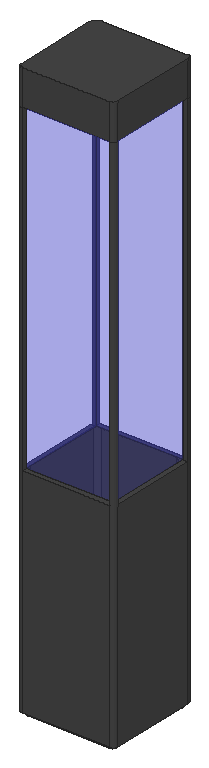
Revit family "svetilnik_alfresco_star_k_mini", category Осветительные приборы, Revit 2016
Family settings
  Тип детали = Нормальный
  Размер круглого соединителя = Использовать диаметр
  На основе рабочей плоскости = Нет
  Всегда вертикально = Да
  При загрузке вырезать с полостями = Нет
  Источник света = Да
  Общий = Нет
  Точка расчета площади = Нет
Parameters (values of type "STAR-K мини")
  Ширина фланца = 100 mm
  Ширина корпуса = 108 mm
  Цветовая температура = "2700-6500"
  Тип продукции = "LED-светильник"
  Тип ПРА = "-"
  Тип КСС = "Круглосимметричная"
  Тип ИС = "LED-светодиоды"
  Температура эксплуатации = "-35 +40"
  Разработано = "support@bimlib.ru"  # constant formula
  Плафон = Прозрачное закаленное стекло
  Emit from Rectangle Width = 65 mm
  Emit from Rectangle Length = 65 mm
  Высота плафона = 524.16 mm
  Высота крышки = 40 mm
  Wattage = 4.71247 W
  built-in parameter 1150110 = 1 (stored number, unit not read)
  built-in parameter 1114217 = 1 (stored number, unit not read)
  Tilt Angle = 90.00°
  built-in parameter 1150109 = 1 (stored number, unit not read)
  built-in parameter 1150134 = 12
  built-in parameter 1150113 = 1 (stored number, unit not read)
  Файл фотометрической сетки = "Star-k mini 7W.IES"
  built-in parameter 1150142 = "IESNA:LM-63-2002\r\n[TEST] ALF\r\n[MANUFAC] ALFRESCO\r\n[LUMCAT] ДТУ-48-AF Star-K mini\r\n[LUMINAIRE] ДТУ-48-AF Star-K mini 7W\r\n[LAMP] LED\r\nTILT=NONE\r\n1 600.0 0.6 37 25 1 2 0.108 0.108 0.108         \r\n1.000 1.000 7.0\r\n0.0 5.0 10.0 15.0 20.0 25.0 30.0 35.0 40.0 45.0 50.0 55.0 60.0 65.0 70.0 75.0 80.0 85.0 90.0 95.0 100.0 105.0\r\n110.0 115.0 120.0 125.0 130.0 135.0 140.0 145.0 150.0 155.0 160.0 165.0 170.0 175.0 180.0\r\n0.0 15.0 30.0 45.0 60.0 75.0 90.0 105.0 120.0 135.0 150.0 165.0 180.0 195.0 210.0 225.0 240.0 255.0 270.0 285.0 300.0 315.0\r\n330.0 345.0 360.0\r\n2.026 4.207 295.808 291.659 286.844 279.006 271.514 266.764 265.166 274.381 424.561 15.949 8.724 5.808\r\n3.377 2.272 1.369 0.992 0.885 0.577 0.746 1.169 1.198 1.149 1.581 1.556 1.928 1.850\r\n2.071 1.812 2.740 2.552 3.313 3.204 3.474 3.117 2.844\r\n2.026 5.937 296.141 293.778 290.658 283.282 274.797 268.067 266.535 280.009 239.189 15.704 9.981 7.237\r\n5.072 4.055 2.912 2.737 2.303 1.773 2.315 1.944 2.519 2.165 2.273 2.360 2.358 2.774\r\n2.506 2.883 2.665 3.262 3.359 3.387 3.464 3.182 2.844\r\n2.026 2.435 278.580 289.295 290.172 281.275 271.591 263.583 260.782 275.842 360.425 14.788 8.927 6.660\r\n4.669 3.731 2.852 2.562 2.344 1.880 2.329 2.191 2.634 2.469 2.786 2.475 3.145 2.735\r\n2.992 2.893 2.980 3.416 3.174 3.766 3.287 3.100 2.844\r\n2.026 2.868 19.692 25.171 42.980 23.295 20.597 18.221 32.456 31.274 20.415 9.216 6.280 4.733\r\n3.112 2.474 1.527 1.748 1.021 1.563 1.345 1.845 1.561 2.376 2.048 2.745 2.435 3.300\r\n2.787 3.314 2.844 3.523 3.252 3.932 3.214 2.913 2.844\r\n2.026 3.610 288.383 289.721 287.896 279.809 271.903 265.497 261.881 271.952 272.761 13.242 8.902 5.745\r\n4.758 3.178 2.997 2.170 2.394 1.718 2.307 2.048 2.521 2.216 2.736 2.460 2.938 2.745\r\n3.075 2.877 3.284 3.267 3.637 3.441 3.578 3.369 2.844\r\n2.026 8.355 293.989 289.547 286.296 280.111 273.290 269.167 266.886 283.179 115.418 14.361 9.068 6.365\r\n4.749 3.122 2.904 1.830 2.013 1.691 2.260 2.108 2.547 2.042 2.737 2.319 2.913 2.576\r\n2.831 2.957 2.785 3.523 3.193 3.730 3.058 2.736 2.844\r\n2.026 5.834 293.057 286.962 281.785 275.492 268.931 265.668 265.533 282.472 222.028 12.299 7.743 4.697\r\n3.407 1.556 1.445 0.510 0.711 0.218 0.903 0.811 1.326 1.178 1.712 1.456 1.964 1.692\r\n2.369 2.090 2.578 2.968 2.726 3.356 2.479 2.551 2.844\r\n2.026 9.071 296.070 292.552 288.878 284.667 277.247 268.927 270.207 292.155 91.233 14.009 8.727 6.389\r\n4.215 3.307 2.400 2.305 1.626 2.011 2.047 2.284 2.394 2.503 2.321 2.648 2.440 2.706\r\n2.557 3.050 2.845 3.520 3.174 3.685 2.660 2.547 2.844\r\n2.026 4.007 290.238 292.619 289.961 284.728 276.055 267.233 265.595 285.843 216.301 12.916 8.041 6.043\r\n4.059 3.428 2.481 2.640 1.921 2.129 2.164 2.080 2.544 1.997 2.603 2.492 2.604 3.053\r\n2.619 3.175 2.992 3.387 3.611 3.347 3.585 3.248 2.844\r\n2.026 3.132 22.571 27.440 27.483 25.473 23.543 21.338 18.762 16.514 13.021 9.727 6.140 4.586\r\n3.060 2.509 1.584 1.625 1.243 1.536 1.253 1.876 1.683 2.305 2.073 2.659 2.561 2.844\r\n3.270 2.821 3.463 3.004 3.758 3.441 3.616 3.482 2.844\r\n2.026 3.823 287.899 292.175 289.402 283.093 274.226 270.356 270.928 282.999 297.107 12.923 8.061 5.961\r\n3.998 3.431 2.328 2.524 1.825 2.117 2.043 2.240 2.536 2.541 2.745 2.504 3.071 2.627\r\n3.233 2.710 3.332 3.017 3.759 3.585 3.932 3.407 2.844\r\n2.026 8.876 296.214 294.071 291.333 286.308 278.374 272.715 267.887 275.627 203.659 14.228 8.882 6.476\r\n4.295 3.545 2.343 2.431 1.701 1.952 1.898 2.251 2.265 2.005 2.518 2.158 2.765 2.372\r\n2.762 2.416 2.844 3.143 3.156 3.746 3.047 2.784 2.844\r\n2.026 8.167 298.455 293.801 290.050 283.394 276.052 269.504 261.112 260.923 295.993 13.520 7.941 5.296\r\n2.876 2.160 1.110 1.024 0.866 0.308 0.986 0.773 1.354 0.940 1.725 1.407 2.268 1.800\r\n2.252 1.679 2.692 2.683 3.187 3.419 2.931 2.722 2.844\r\n2.026 4.852 297.318 296.496 293.898 288.710 280.864 272.244 264.010 261.425 485.530 16.750 10.346 7.066\r\n5.033 3.793 2.535 2.624 1.927 2.099 1.656 2.352 1.876 2.439 1.917 2.536 2.188 2.911\r\n2.440 2.968 2.664 3.184 3.570 3.461 3.800 3.354 2.844\r\n2.026 5.234 292.303 294.805 292.792 285.666 276.315 267.478 262.156 268.624 338.471 13.642 9.330 6.004\r\n4.991 3.325 3.000 2.209 2.409 1.846 2.262 2.278 2.346 2.502 2.341 2.770 2.609 2.977\r\n2.673 3.136 2.879 3.541 3.392 3.900 3.464 3.437 2.844\r\n2.026 2.064 15.726 23.146 27.857 26.695 22.472 19.769 18.917 17.870 16.160 10.365 7.243 4.939\r\n3.620 2.601 1.569 1.688 1.168 1.540 1.268 1.780 1.645 2.017 2.193 2.243 2.818 2.522\r\n3.285 2.889 3.204 3.470 3.391 3.985 3.235 2.821 2.844\r\n2.026 2.450 193.534 263.642 301.203 284.071 275.302 267.352 264.569 277.195 389.401 13.445 9.081 5.859\r\n4.680 2.784 2.688 1.929 2.253 1.873 2.142 2.282 2.115 2.594 2.213 2.885 2.600 2.971\r\n2.744 3.152 2.991 3.353 3.547 3.445 3.498 2.893 2.844\r\n2.026 2.353 290.983 293.128 292.306 299.464 281.322 273.151 268.762 276.707 494.944 16.718 10.517 7.469\r\n4.882 3.679 2.348 2.265 1.616 1.687 2.123 1.927 2.450 2.083 2.546 2.485 2.433 2.749\r\n2.414 2.985 2.579 3.419 3.215 3.431 2.875 3.039 2.844\r\n2.026 2.981 290.711 289.168 286.952 282.587 273.036 267.689 264.845 276.060 426.981 13.642 8.430 5.199\r\n3.633 1.705 1.329 0.460 0.780 0.244 1.106 0.374 1.377 1.113 1.697 1.396 1.835 1.657\r\n2.250 2.003 2.574 2.941 3.048 3.273 2.632 2.708 2.844\r\n2.026 2.428 59.567 290.264 289.363 284.063 277.461 271.360 269.068 277.568 489.096 16.869 10.481 7.497\r\n4.878 3.685 2.520 2.546 1.723 1.748 2.185 1.867 2.480 1.950 2.628 2.301 2.596 2.695\r\n2.698 2.897 2.814 3.367 3.341 3.540 3.142 2.955 2.844\r\n2.026 3.066 283.195 170.971 289.826 286.533 275.892 270.180 268.105 277.571 427.083 14.117 9.553 6.185\r\n4.643 3.416 2.551 2.592 1.813 2.293 1.906 2.346 2.004 2.575 1.997 2.785 2.416 2.904\r\n2.926 2.779 3.224 2.919 3.575 3.381 3.303 3.070 2.844\r\n2.026 2.220 13.464 24.952 26.551 25.856 23.306 21.594 19.721 17.789 14.621 11.428 7.428 5.346\r\n3.443 2.486 2.169 1.557 1.446 0.956 1.507 1.232 2.016 1.729 2.135 2.487 2.361 3.033\r\n2.762 3.269 2.742 3.550 3.149 3.839 3.352 2.968 2.844\r\n2.026 2.996 288.200 291.974 290.537 285.216 278.312 271.645 269.151 273.960 397.123 14.396 9.202 6.421\r\n4.567 3.589 2.747 2.559 2.098 2.195 2.031 2.420 2.288 2.716 2.257 2.895 2.687 3.146\r\n2.718 3.122 2.727 3.172 3.279 3.677 3.608 3.093 2.844\r\n2.026 2.867 293.436 294.270 289.800 285.420 278.074 273.426 270.954 273.449 490.018 19.117 10.994 7.326\r\n5.725 3.750 3.042 2.506 2.063 2.148 1.583 2.328 2.161 2.268 2.182 2.102 2.519 2.200\r\n2.762 2.304 3.079 2.827 3.366 3.429 3.085 2.769 2.844\r\n2.026 4.207 295.808 291.659 286.844 279.006 271.514 266.764 265.166 274.381 424.561 15.949 8.724 5.808\r\n3.377 2.272 1.369 0.992 0.885 0.577 0.746 1.169 1.198 1.149 1.581 1.556 1.928 1.850\r\n2.071 1.812 2.740 2.552 3.313 3.204 3.474 3.117 2.844\r\n\r\n\r\n\r\n\r\n\r\n\r\n\r\n\r\n\r\n"
  built-in parameter 1150105 = 55.704 (stored number, unit not read)
  Lumens = 700 lm
  built-in parameter 1150115 = 1 (stored number, unit not read)
  built-in parameter 1150137 = (empty or 0)
  built-in parameter 1150139 = (empty or 0)
  built-in parameter 1150112 = 1 (stored number, unit not read)
  built-in parameter 1150114 = 1 (stored number, unit not read)
  built-in parameter 1150132 = 2
  built-in parameter 1150102 = (empty or 0)
  built-in parameter 1150107 = 4000 (stored number, unit not read)
  built-in parameter 1150138 = (empty or 0)
  built-in parameter 1150106 = 0.55704 (stored number, unit not read)
  built-in parameter 1150104 = 13.8 (stored number, unit not read)
  Dimming Lamp Color Temperature Shift = (empty or 0)
  Color Filter = 16777215
  built-in parameter 1114218 = 1 (stored number, unit not read)
  built-in parameter 1150133 = 10 (stored number, unit not read)
  Apparent Load = ADSK_Номинальная мощность / ADSK_Коэффициент мощности  # 7.14286 VA
  Область использования = "ландшафт, коттедж. Посёлки,микрорайоны"
  Материал рассеивателя = "Прозрачное закаленное стекло"
  Корпус светильника = Сталь крашенная чёрная
  Климатическая зона = "У1"
  Класс пожароопасности = "F (светильники предназначены для установки непосредственно на поверхность из нормально воспламеняемых материалов)"
  Класс защиты = "1"
  Изготовитель = "ALFRESCO"  # constant formula
  Видимая форма излучения при визуализации = no
  Блок аварийного питания = no
  URL = "http://www.allfresco.ru/item/star-mini-k"
  IP Class = "IP 65"
  ADSK_Энергоэффективность = 100 lm/W
  ADSK_Ток = ADSK_Номинальная мощность / (ADSK_Коэффициент мощности * ADSK_Напряжение * sqrt(ADSK_Количество фаз числовое))  # 0.022958 A
  ADSK_Размер_Ширина = 108 mm
  ADSK_Размер_Длина = 108 mm
  ADSK_Размер_Высота = 650 mm
  ADSK_Примечание [instance] = ""
  ADSK_Полная мощность = ADSK_Номинальная мощность / ADSK_Коэффициент мощности  # 7.14286 VA
  ADSK_Позиция = ""
  ADSK_Номинальная мощность = 7 W
  ADSK_Напряжение = 220 V
  ADSK_Наименование = "Светодиодный светильник STAR-K мини ДТУ-48-AF-7Вт-0,65"
  ADSK_Модель = "ДТУ-48-AF STAR-K мини"
  ADSK_Масса = 2
  ADSK_Коэффициент мощности = 0.98
  ADSK_Количество фаз числовое = 2
  ADSK_Количество фаз = 2
  ADSK_Код изделия = ""
  ADSK_Классификация нагрузок [instance] = Освещение
  ADSK_Завод-изготовитель = "ALFRESCO"  # constant formula
  ADSK_Единица измерения = "шт."
  ADSK_Артикул = "ДТУ481"
Reference planes
  plane 1 "По центру (Вперед/Назад)": y = 0
  plane 2: z = 0
  plane 3 "По центру (Влево/Вправо)": x = 0
  plane 4: x = 54
  plane 5: x = -54
  plane 6: y = 54
  plane 7: y = -54
  plane 8: z = 650
  plane 9: x = -50
  plane 10: x = 50
  plane 11: y = 50
  plane 12: y = -50
  plane 13: z = 610
  plane 14: z = 245.84
  plane 15: x = -32.265
  plane 16: x = 32.265
  plane 17: y = 32.5
  plane 18: y = -32.5
Forms (mm)
  Extrusion 1, solid, material "Сталь крашенная чёрная" <- "Корпус светильника", detail levels medium+fine
    sketch origin (0, 0, 0) x (1, 0, 0) y (0, 1, 0)
      loop
        arc (-45, 50) -> (-48.536, 48.536) -> (-50, 45) r 5
        line (-50, 45) -> (-50, -45)
        arc (-50, -45) -> (-48.536, -48.536) -> (-45, -50) r 5
        line (-45, -50) -> (45, -50)
        arc (45, -50) -> (48.536, -48.536) -> (50, -45) r 5
        line (50, -45) -> (50, 45)
        arc (50, 45) -> (48.536, 48.536) -> (45, 50) r 5
        line (45, 50) -> (-45, 50)
    from 0 to 4
  Extrusion 2, void
    sketch origin (0, 0, 0) x (1, 0, 0) y (0, 1, 0)
      loop
        circle (-32.266, 32.5) r 5
      loop
        circle (-32.266, -32.5) r 5
      loop
        circle (32.266, -32.5) r 5
      loop
        circle (32.266, 32.5) r 5
    from 0 to 4
  Extrusion 3, solid, material "Сталь крашенная чёрная" <- "Корпус светильника", detail levels medium+fine
    sketch origin (0, 0, 0) x (1, 0, 0) y (0, 1, 0)
      loop
        arc (-45, 54) -> (-51.364, 51.364) -> (-54, 45) r 9
        line (-54, 45) -> (-54, -49)
        arc (-54, -49) -> (-52.536, -52.536) -> (-49, -54) r 5
        line (-49, -54) -> (49, -54)
        arc (49, -54) -> (52.536, -52.536) -> (54, -49) r 5
        line (54, -49) -> (54, 49)
        arc (54, 49) -> (52.536, 52.536) -> (49, 54) r 5
        line (49, 54) -> (-45, 54)
      loop
        arc (-43.75, 48.75) -> (-47.286, 47.286) -> (-48.75, 43.75) r 5
        line (-48.75, 43.75) -> (-48.75, -44)
        arc (-48.75, -44) -> (-47.286, -47.536) -> (-43.75, -49) r 5
        line (-43.75, -49) -> (40, -49)
        arc (40, -49) -> (46.364, -46.364) -> (49, -40) r 9
        line (49, -40) -> (49, 39.75)
        arc (49, 39.75) -> (46.364, 46.114) -> (40, 48.75) r 9
        line (40, 48.75) -> (-43.75, 48.75)
    from 4 to 610
  Extrusion 4, solid, material "Сталь крашенная чёрная" <- "Корпус светильника", not visible
    sketch origin (0, 0, 0) x (1, 0, 0) y (0, 0, 1)
      loop
        line (-40, 275) -> (-40, 45) -> (40, 45) -> (40, 275) -> (-40, 275)
    from 50 to 53
  Sweep 5, void, not visible
    path origin (0, 0, 0) x (1, 0, 0) y (0, 0, 1)
      loop
        line (-40, 275) -> (-40, 45) -> (40, 45) -> (40, 275) -> (-40, 275)
    profile origin (0, 0, 275) x (0, 0, 1) y (0, -1, 0)
      loop
        line (0, 53) -> (-5.115, 53) -> (0, 50.829) -> (0, 53)
  Extrusion 6, void, not visible
    sketch origin (0, 0, 0) x (0, 1, 0) y (0, 0, 1)
      loop
        line (-53, 242.5) -> (-53, 62.773) -> (-6.251, 242.5) -> (-53, 242.5)
    from -31.068 to 31.068
  Extrusion 7, solid, not visible
    sketch origin (10.462, 0, 0) x (0, 1, 0) y (0, 0, 1)
      loop
        line (-50, 242.5) -> (-50, 74.05) -> (-5.187, 242.5) -> (-50, 242.5)
    from 21.406 to 20.606
  Extrusion 8, solid, material "Отражатель", not visible
    sketch origin (-10.462, 0, 0) x (0, 1, 0) y (0, 0, -1)
      loop
        line (-50, -242.5) -> (-5.187, -242.5) -> (-50, -74.05) -> (-50, -242.5)
    from 21.406 to 20.606
  Extrusion 9, solid, material "Отражатель", not visible
    sketch origin (0, 0, 0) x (0, 1, 0) y (0, 0, 1)
      loop
        line (-50, 74.05) -> (-48.948, 73.77) -> (-4.06, 242.5) -> (-5.187, 242.5) -> (-50, 74.05)
    from -31.068 to 31.068
  Extrusion 10, solid, not visible
    sketch origin (0, 0, 0) x (1, 0, 0) y (0, 1, 0)
      loop
        line (-31.068, -4.06) -> (-31.068, -45) -> (31.068, -45) -> (31.068, -4.06) -> (-31.068, -4.06)
      loop
        line (0, -32.789) -> (-23.125, -32.789) -> (-23.125, -40.914) -> (0, -40.914) -> (23.125, -40.914) -> (23.125, -32.789) -> (0, -32.789)
    from 242.5 to 243.44
  Extrusion 11, solid, material "Пластик", not visible
    sketch origin (0, 0, 0) x (1, 0, 0) y (0, 1, 0)
      loop
        line (-23.125, -32.789) -> (-23.125, -40.914) -> (23.125, -40.914) -> (23.125, -32.789) -> (-23.125, -32.789)
    from 242.5 to 243.44
  Extrusion 12, solid, not visible
    sketch origin (10.462, 0, 0) x (0, 1, 0) y (0, 0, 1)
      loop
        line (-50, 242.5) -> (-50, 74.05) -> (-5.187, 242.5) -> (-50, 242.5)
    from 21.406 to 20.606
  Extrusion 13, solid, material "Отражатель", not visible
    sketch origin (-10.462, 0, 0) x (0, 1, 0) y (0, 0, -1)
      loop
        line (-50, -242.5) -> (-5.187, -242.5) -> (-50, -74.05) -> (-50, -242.5)
    from 21.406 to 20.606
  Extrusion 14, solid, material "Отражатель", not visible
    sketch origin (0, 0, 0) x (0, 1, 0) y (0, 0, 1)
      loop
        line (-50, 74.05) -> (-48.948, 73.77) -> (-4.06, 242.5) -> (-5.187, 242.5) -> (-50, 74.05)
    from -31.068 to 31.068
  Extrusion 15, solid, not visible
    sketch origin (0, 0, 0) x (1, 0, 0) y (0, 1, 0)
      loop
        line (-31.068, -4.06) -> (-31.068, -45) -> (31.068, -45) -> (31.068, -4.06) -> (-31.068, -4.06)
      loop
        line (0, -32.789) -> (-23.125, -32.789) -> (-23.125, -40.914) -> (0, -40.914) -> (23.125, -40.914) -> (23.125, -32.789) -> (0, -32.789)
    from 242.5 to 243.44
  Extrusion 16, solid, material "Пластик", not visible
    sketch origin (0, 0, 0) x (1, 0, 0) y (0, 1, 0)
      loop
        line (-23.125, -32.789) -> (-23.125, -40.914) -> (23.125, -40.914) -> (23.125, -32.789) -> (-23.125, -32.789)
    from 242.5 to 243.44
  Extrusion 17, void
    sketch origin (0, 0, 0) x (1, 0, 0) y (0, 0, 1)
      loop
        line (-48.75, 610) -> (-48.75, 245.84) -> (49, 245.84) -> (49, 610) -> (-48.75, 610)
    from -54 to 54
  Extrusion 18, void
    sketch origin (0, 0, 0) x (0, 1, 0) y (0, 0, 1)
      loop
        line (49, 610) -> (-49, 610) -> (-49, 245.84) -> (49, 245.84) -> (49, 610)
    from -54 to 54
  Extrusion 19, solid, material "Прозрачное закаленное стекло" <- "Плафон", detail levels medium+fine
    sketch origin (0, 0, 0) x (1, 0, 0) y (0, 1, 0)
      loop
        line (49, 49) -> (-48.75, 49) -> (-48.75, -49) -> (49, -49) -> (49, 49)
      loop
        line (-48.067, 48.223) -> (-48.067, -48.395) -> (48.317, -48.395) -> (48.317, 48.223) -> (-48.067, 48.223)
    from 245.84 to 610
  Extrusion 20, solid, material "Сталь крашенная чёрная" <- "Корпус светильника", detail levels medium+fine
    sketch origin (0.25, -0.125, 0) x (1, 0, 0) y (0, 1, 0)
      loop
        line (48.75, 54.125) -> (-45.25, 54.125)
        arc (-45.25, 54.125) -> (-51.614, 51.489) -> (-54.25, 45.125) r 9
        line (-54.25, 45.125) -> (-54.25, -48.875)
        arc (-54.25, -48.875) -> (-52.786, -52.411) -> (-49.25, -53.875) r 5
        line (-49.25, -53.875) -> (48.75, -53.875)
        arc (48.75, -53.875) -> (52.286, -52.411) -> (53.75, -48.875) r 5
        line (53.75, -48.875) -> (53.75, 49.125)
        arc (53.75, 49.125) -> (52.286, 52.661) -> (48.75, 54.125) r 5
    from 610 to 650
Cuts and joins
  Extrusion 2 cuts Extrusion 1
  Extrusion 17, Extrusion 18 cuts Extrusion 3
Lines and regions (mm)
  model lines, detail levels coarse
    curve 1: line (54, -54, 0) -> (-54, -54, 0)
    curve 2: line (54, 54, 0) -> (54, -54, 0)
    curve 3: line (0, 0, 650) -> (0, 0, 0)
    curve 4: line (54, 54, 0) -> (-54, 54, 0)
    curve 5: line (-54, 54, 0) -> (-54, -54, 0)
Dimensions and locks
  equal spacing: plane 5, plane 3 "По центру (Влево/Вправо)", plane 4
  "ADSK_Размер_Длина": plane 5 to plane 4
  equal spacing: plane 7, plane 1 "По центру (Вперед/Назад)", plane 6
  "ADSK_Размер_Ширина": plane 7 to plane 6
  "ADSK_Размер_Высота": plane 8 to level
  locked: Sweep 5 sketch curve to Sweep 5 sketch curve at 2.171
  "Ширина фланца": plane 12 to plane 11
  "Ширина фланца": plane 9 to plane 10
  "Высота крышки": plane 8 to plane 13
  plane 15 to plane 16 = 64.53 mm
  plane 18 to plane 17 = 65 mm
  aligned and locked: level to plane 2
  aligned and locked: Extrusion 3 sketch curve to plane 6
  aligned and locked: Extrusion 3 sketch curve to plane 4
  aligned and locked: Extrusion 3 sketch curve to plane 7
  aligned and locked: Extrusion 3 sketch curve to plane 5
  aligned and locked: Extrusion 3 to Extrusion 20
  aligned and locked: cut or joined group of Extrusion 1, Extrusion 2 to plane 11
  aligned and locked: cut or joined group of Extrusion 3, Extrusion 17, Extrusion 18 to Extrusion 19
  aligned and locked: plane 13 to Extrusion 20
  aligned and locked: Extrusion 20 to plane 13
  aligned and locked: plane 8 to Extrusion 20
  aligned and locked: plane 13 to cut or joined group of Extrusion 3, Extrusion 17, Extrusion 18  (x2)
  aligned and locked: Extrusion 3 to cut or joined group of Extrusion 1, Extrusion 2
Automatic sketch dimensions
  Sweep 5 sketch curve to Sweep 5 sketch curve = 5.115 mm
  Extrusion 9 sketch curve to Extrusion 9 sketch curve = 0.28 mm
  Extrusion 10 sketch curve to Extrusion 10 sketch curve = 8.125 mm
  Extrusion 11 sketch curve to Extrusion 11 sketch curve = 8.125 mm
  Extrusion 4 sketch curve to Extrusion 4 sketch curve = 80 mm
  Extrusion 4 sketch curve to Extrusion 4 sketch curve = 230 mm
  Sweep 5 sketch curve to Sweep 5 sketch curve = 80 mm
  Sweep 5 sketch curve to Sweep 5 sketch curve = 230 mm
  profile plane to Sweep 5 sketch curve = 0 mm
  profile plane to Sweep 5 sketch curve = 50.829 mm
  Extrusion 6 sketch curve to Extrusion 6 sketch curve = 46.749 mm
  Extrusion 6 sketch curve to Extrusion 6 sketch curve = 179.727 mm
  Extrusion 7 sketch curve to Extrusion 7 sketch curve = 44.813 mm
  Extrusion 7 sketch curve to Extrusion 7 sketch curve = 168.45 mm
  Extrusion 8 sketch curve to Extrusion 8 sketch curve = 44.813 mm
  Extrusion 8 sketch curve to Extrusion 8 sketch curve = 168.45 mm
  Extrusion 9 sketch curve to Extrusion 9 sketch curve = 1.052 mm
  Extrusion 9 sketch curve to Extrusion 9 sketch curve = 44.813 mm
  Extrusion 10 sketch curve to Extrusion 10 sketch curve = 7.943 mm  (x2)
  Extrusion 10 sketch curve to Extrusion 10 sketch curve = 23.125 mm  (x2)
  Extrusion 10 sketch curve to Extrusion 10 sketch curve = 0 mm
  Extrusion 10 sketch curve to Extrusion 10 sketch curve = 4.086 mm
  Extrusion 10 sketch curve to Extrusion 10 sketch curve = 28.729 mm
  Extrusion 11 sketch curve to Extrusion 11 sketch curve = 46.25 mm
  Extrusion 14 sketch curve to Extrusion 14 sketch curve = 0.28 mm
  Extrusion 15 sketch curve to Extrusion 15 sketch curve = 8.125 mm
  Extrusion 16 sketch curve to Extrusion 16 sketch curve = 8.125 mm
  Extrusion 12 sketch curve to Extrusion 12 sketch curve = 44.813 mm
  Extrusion 12 sketch curve to Extrusion 12 sketch curve = 168.45 mm
  Extrusion 13 sketch curve to Extrusion 13 sketch curve = 44.813 mm
  Extrusion 13 sketch curve to Extrusion 13 sketch curve = 168.45 mm
  Extrusion 14 sketch curve to Extrusion 14 sketch curve = 1.052 mm
  Extrusion 14 sketch curve to Extrusion 14 sketch curve = 44.813 mm
  Extrusion 15 sketch curve to Extrusion 15 sketch curve = 7.943 mm  (x2)
  Extrusion 15 sketch curve to Extrusion 15 sketch curve = 23.125 mm  (x2)
  Extrusion 15 sketch curve to Extrusion 15 sketch curve = 0 mm
  Extrusion 15 sketch curve to Extrusion 15 sketch curve = 4.086 mm
  Extrusion 15 sketch curve to Extrusion 15 sketch curve = 28.729 mm
  Extrusion 16 sketch curve to Extrusion 16 sketch curve = 46.25 mm
  level to Extrusion 17 sketch curve = 245.84 mm
  Extrusion 17 sketch curve to plane 8 = 40 mm
  Extrusion 18 sketch curve to plane 7 = 5 mm
  level to Extrusion 18 sketch curve = 245.84 mm
  Extrusion 18 sketch curve to plane 8 = 40 mm
  Extrusion 18 sketch curve to plane 6 = 5 mm
  Extrusion 3 sketch curve to plane 5 = 5 mm
  Extrusion 3 sketch curve to Extrusion 3 sketch curve = 1.25 mm
  Extrusion 3 sketch curve to plane 4 = 5 mm  (x2)
  Extrusion 3 sketch curve to Extrusion 3 sketch curve = 5 mm  (x3)
  Extrusion 3 sketch curve to plane 7 = 5 mm
  Extrusion 3 sketch curve to Extrusion 3 sketch curve = 9.25 mm
  Extrusion 1 sketch curve to plane 5 = 4 mm
  Extrusion 1 sketch curve to Extrusion 1 sketch curve = 5 mm
  Extrusion 1 sketch curve to plane 6 = 4 mm
  Extrusion 1 sketch curve to plane 4 = 4 mm
  Extrusion 20 sketch curve to plane 5 = 0 mm
  Extrusion 20 sketch curve to plane 6 = 0 mm
  plane 7 to Extrusion 20 sketch curve = 0 mm
  Extrusion 20 sketch curve to plane 4 = 0 mm
  Extrusion 20 sketch curve to plane 4 = 5 mm  (x2)
  Extrusion 20 sketch curve to Extrusion 20 sketch curve = 5 mm
  curve 3 to level = 0 mm
  curve 3 to plane 3 "По центру (Влево/Вправо)" = 0 mm
  curve 3 to plane 8 = 0 mm
  plane 12 to Extrusion 1 sketch curve = 0 mm
  Extrusion 17 sketch curve to plane 9 = 1.25 mm
  Extrusion 20 sketch curve to plane 9 = 5 mm
  plane 10 to Extrusion 1 sketch curve = 5 mm  (x2)
  Extrusion 3 sketch curve to Extrusion 3 sketch curve = 9 mm
  plane 10 to Extrusion 17 sketch curve = 1 mm
  Extrusion 3 sketch curve to plane 9 = 1.25 mm
  plane 11 to Extrusion 3 sketch curve = 1.25 mm
  Extrusion 1 sketch curve to plane 9 = 5 mm
  Extrusion 2 sketch curve to plane 15 = 0.001 mm  (x2)
  Extrusion 2 sketch curve to plane 16 = 0.001 mm  (x2)
  plane 11 to Extrusion 2 sketch curve = 17.5 mm  (x2)
  Extrusion 2 sketch curve to plane 12 = 17.5 mm  (x2)
  Extrusion 19 sketch curve to plane 9 = 1.25 mm
  Extrusion 19 sketch curve to plane 9 = 1.933 mm
  plane 10 to Extrusion 19 sketch curve = 1.683 mm
  plane 10 to Extrusion 19 sketch curve = 1 mm
  Extrusion 19 sketch curve to plane 12 = 1 mm
  Extrusion 19 sketch curve to plane 12 = 1.605 mm
  plane 11 to Extrusion 19 sketch curve = 1.777 mm
  plane 11 to Extrusion 19 sketch curve = 1 mm
  curve 4 to plane 5 = 0 mm
  curve 4 to plane 4 = 0 mm
  plane 7 to curve 5 = 0 mm
  curve 4 to plane 6 = 0 mm
  radius of Extrusion 2 sketch curve = 5 mm  (x4)
Nested families
  nested 1: "УГО_Осветительный прибор" at (0, 0, 0), type "УГО_Осветительный прибор", detail levels coarse
Connectors
  electrical at (0, 0, 0), driven by "ADSK_Количество фаз", driven by "ADSK_Классификация нагрузок", driven by "ADSK_Напряжение", driven by "ADSK_Полная мощность", driven by "ADSK_Коэффициент мощности"
    settings: on cut or joined group of Extrusion 1, Extrusion 2, index 1, voltage 220 V, apparent load 7.14286 VA, apparent load phase1 0 VA, apparent load phase2 0 VA, apparent load phase3 0 VA, power factor 0.98, load classification "Освещение", number of poles 2, system type 30, power factor state 1, is connector primary yes, connector utility no, sub classification motor no, connector description ""
Definition of nested family "УГО_Осветительный прибор"
  Reference planes
    plane 1: y = 0
    plane 2: x = 0
  Lines and regions (mm)
    detail lines
      curve 1: circle (0, 0, 0) r 1.75 normal (0, 0, 1)
      curve 2: line (-1.021, 1.421, 0) -> (-1.021, -1.421, 0)
      curve 3: line (1.021, 1.421, 0) -> (1.021, -1.421, 0)
